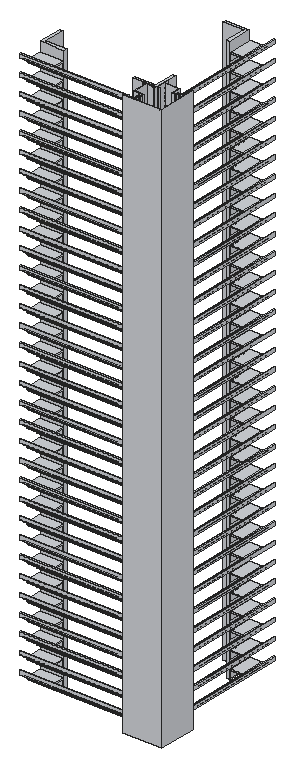
Revit family "ES-EL-2 (Box Corner)", category Mechanical Equipment, Revit 2015 (continued)
Automatic sketch dimensions
  Extrusion 49 sketch curve to Extrusion 49 sketch curve = 0' - 0.03705"
  Extrusion 49 sketch curve to Extrusion 49 sketch curve = 0' - 0.06678"
  Extrusion 49 sketch curve to Extrusion 49 sketch curve = 0' - 0.03441"
  Extrusion 49 sketch curve to Extrusion 49 sketch curve = 0' - 0.08971"
  Extrusion 49 sketch curve to Extrusion 49 sketch curve = 0' - 0.06591"
  Extrusion 49 sketch curve to Extrusion 49 sketch curve = 0' - 0.02101"
  Extrusion 49 sketch curve to Extrusion 49 sketch curve = 0' - 0.08093"
  Extrusion 49 sketch curve to Extrusion 49 sketch curve = 0' - 0.0092"
  Extrusion 49 sketch curve to Extrusion 49 sketch curve = 0' - 0.0249"
  Extrusion 49 sketch curve to Extrusion 49 sketch curve = 0' - 0.04679"
  Extrusion 49 sketch curve to Extrusion 49 sketch curve = 0' - 0.04475"
  Extrusion 49 sketch curve to Extrusion 49 sketch curve = 0' - 0.03472"
  Extrusion 49 sketch curve to Extrusion 49 sketch curve = 0' - 0.04794"
  Extrusion 49 sketch curve to Extrusion 49 sketch curve = 0' - 0.09251"
  Extrusion 49 sketch curve to Extrusion 49 sketch curve = 0' - 0.01641"
  Extrusion 49 sketch curve to Extrusion 49 sketch curve = 0' - 0.10787"
  Extrusion 49 sketch curve to Extrusion 49 sketch curve = 0' - 0.07052"
  Extrusion 49 sketch curve to Extrusion 49 sketch curve = 0' - 0.02971"
  Extrusion 49 sketch curve to Extrusion 49 sketch curve = 0' - 0.03652"
  Extrusion 49 sketch curve to Extrusion 49 sketch curve = 0' - 0.06407"
  Extrusion 49 sketch curve to Extrusion 49 sketch curve = 0' - 0.0028"
  Extrusion 49 sketch curve to Extrusion 49 sketch curve = 0' - 0.17908"
  Extrusion 49 sketch curve to Extrusion 49 sketch curve = 0' - 0.0484"
  Extrusion 49 sketch curve to Extrusion 49 sketch curve = 0' - 0.00685"
  Extrusion 49 sketch curve to Extrusion 49 sketch curve = 0' - 0.02635"
  Extrusion 49 sketch curve to Extrusion 49 sketch curve = 0' - 0.03989"
  Extrusion 49 sketch curve to Extrusion 49 sketch curve = 0' - 0.07851"
  Extrusion 49 sketch curve to Extrusion 49 sketch curve = 0' - 0.04274"
  Extrusion 49 sketch curve to Extrusion 49 sketch curve = 0' - 0.05351"
  Extrusion 49 sketch curve to Extrusion 49 sketch curve = 0' - 0.13725"
  Extrusion 49 sketch curve to Extrusion 49 sketch curve = 0' - 0.01694"
  Extrusion 49 sketch curve to Extrusion 49 sketch curve = 0' - 0.06256"
  Extrusion 49 sketch curve to Extrusion 49 sketch curve = 0' - 0.06379"
  Extrusion 49 sketch curve to Extrusion 49 sketch curve = 0' - 0.06947"
  Extrusion 49 sketch curve to Extrusion 49 sketch curve = 0' - 0.00615"
  Extrusion 49 sketch curve to Extrusion 49 sketch curve = 0' - 0.0107"
  Extrusion 49 sketch curve to Extrusion 49 sketch curve = 0' - 0.06383"
  Extrusion 49 sketch curve to Extrusion 49 sketch curve = 0' - 0.00524"
  Extrusion 49 sketch curve to Extrusion 49 sketch curve = 0' - 0.05333"
  Extrusion 49 sketch curve to Extrusion 49 sketch curve = 0' - 0.02167"
  Extrusion 49 sketch curve to Extrusion 49 sketch curve = 0' - 0.06255"
  Extrusion 49 sketch curve to Extrusion 49 sketch curve = 0' - 0.01996"
  Extrusion 49 sketch curve to Extrusion 49 sketch curve = 0' - 0.07389"
  Extrusion 49 sketch curve to Extrusion 49 sketch curve = 0' - 0.08882"
  Extrusion 49 sketch curve to Extrusion 49 sketch curve = 0' - 0.14048"
  Extrusion 49 sketch curve to Extrusion 49 sketch curve = 0' - 0.07571"
  Extrusion 49 sketch curve to Extrusion 49 sketch curve = 0' - 0.01536"
  Extrusion 49 sketch curve to Extrusion 49 sketch curve = 0' - 0.04056"
  Extrusion 49 sketch curve to Extrusion 49 sketch curve = 0' - 0.01509"
  Extrusion 49 sketch curve to Extrusion 49 sketch curve = 0' - 0.03469"
  Extrusion 49 sketch curve to Extrusion 49 sketch curve = 0' - 0.06126"
  Extrusion 49 sketch curve to Extrusion 49 sketch curve = 0' - 0.11488"
  Extrusion 49 sketch curve to Extrusion 49 sketch curve = 0' - 0.04313"
  Extrusion 49 sketch curve to Extrusion 49 sketch curve = 0' - 0.03758"
  Extrusion 49 sketch curve to Extrusion 49 sketch curve = 0' - 0.00683"
  Extrusion 49 sketch curve to Extrusion 49 sketch curve = 0' - 0.05466"
  Extrusion 49 sketch curve to Extrusion 49 sketch curve = 0' - 0.08634"
  Extrusion 49 sketch curve to Extrusion 49 sketch curve = 0' - 0.0603"
  Extrusion 49 sketch curve to Extrusion 49 sketch curve = 0' - 0.05923"
  Extrusion 49 sketch curve to Extrusion 49 sketch curve = 0' - 0.03824"
  Extrusion 49 sketch curve to Extrusion 49 sketch curve = 0' - 0.02856"
  Extrusion 49 sketch curve to Extrusion 49 sketch curve = 0' - 0.01716"
  Extrusion 49 sketch curve to Extrusion 49 sketch curve = 0' - 0.08747"
  Extrusion 49 sketch curve to Extrusion 49 sketch curve = 0' - 0.01878"
  Extrusion 49 sketch curve to Extrusion 49 sketch curve = 0' - 0.03113"
  Extrusion 49 sketch curve to Extrusion 49 sketch curve = 0' - 0.06323"
  Extrusion 49 sketch curve to Extrusion 49 sketch curve = 0' - 0.04564"
  Extrusion 49 sketch curve to Extrusion 49 sketch curve = 0' - 0.03681"
  Extrusion 49 sketch curve to Extrusion 49 sketch curve = 0' - 0.00656"
  Extrusion 49 sketch curve to Extrusion 49 sketch curve = 0' - 0.04106"
  Extrusion 49 sketch curve to Extrusion 49 sketch curve = 0' - 0.04775"
  Extrusion 49 sketch curve to Extrusion 49 sketch curve = 0' - 0.03768"
  Extrusion 49 sketch curve to Extrusion 49 sketch curve = 0' - 0.03841"
  Extrusion 49 sketch curve to Extrusion 49 sketch curve = 0' - 0.03993"
  Extrusion 49 sketch curve to Extrusion 49 sketch curve = 0' - 0.01637"
  Extrusion 49 sketch curve to Extrusion 49 sketch curve = 0' - 0 1/8"
  Extrusion 49 sketch curve to Extrusion 49 sketch curve = 0' - 0.03201"
  Extrusion 49 sketch curve to Extrusion 49 sketch curve = 0' - 0.01218"
  Extrusion 49 sketch curve to Extrusion 49 sketch curve = 0' - 0.00093"
  Extrusion 49 sketch curve to Extrusion 49 sketch curve = 0' - 0.06293"
  Extrusion 49 sketch curve to Extrusion 49 sketch curve = 0' - 0.01359"
  Extrusion 49 sketch curve to Extrusion 49 sketch curve = 0' - 0.06169"
  Extrusion 49 sketch curve to Extrusion 49 sketch curve = 0' - 0.06257"
  Extrusion 49 sketch curve to Extrusion 49 sketch curve = 0' - 0.20021"
  Extrusion 49 sketch curve to Extrusion 49 sketch curve = 0' - 0.05817"
  Extrusion 49 sketch curve to Extrusion 49 sketch curve = 0' - 0.10469"
  Extrusion 49 sketch curve to Extrusion 49 sketch curve = 0' - 0.03118"
  Extrusion 49 sketch curve to Extrusion 49 sketch curve = 0' - 0.14616"
  Extrusion 49 sketch curve to Extrusion 49 sketch curve = 0' - 0.04871"
  Extrusion 49 sketch curve to Extrusion 49 sketch curve = 0' - 0.05895"
  Extrusion 49 sketch curve to Extrusion 49 sketch curve = 0' - 0.04592"
  Extrusion 49 sketch curve to Extrusion 49 sketch curve = 0' - 0.05389"
  Extrusion 49 sketch curve to Extrusion 49 sketch curve = 0' - 0.04285"
  Extrusion 49 sketch curve to Extrusion 49 sketch curve = 0' - 0.07088"
  Extrusion 49 sketch curve to Extrusion 49 sketch curve = 0' - 0.11395"
  Extrusion 49 sketch curve to Extrusion 49 sketch curve = 0' - 0.28177"
  Extrusion 50 sketch curve to Extrusion 50 sketch curve = 0' - 0.059"
  Extrusion 50 sketch curve to Extrusion 50 sketch curve = 0' - 0.09455"
  Extrusion 50 sketch curve to Extrusion 50 sketch curve = 0' - 0.16713"
  Extrusion 50 sketch curve to Extrusion 50 sketch curve = 0' - 0.10396"
  Extrusion 50 sketch curve to Extrusion 50 sketch curve = 0' - 0.04188"
  Extrusion 50 sketch curve to Extrusion 50 sketch curve = 0' - 0.07328"
  Extrusion 50 sketch curve to Extrusion 50 sketch curve = 0' - 0.03705"
  Extrusion 50 sketch curve to Extrusion 50 sketch curve = 0' - 0.06678"
  Extrusion 50 sketch curve to Extrusion 50 sketch curve = 0' - 0.03441"
  Extrusion 50 sketch curve to Extrusion 50 sketch curve = 0' - 0.08971"
  Extrusion 50 sketch curve to Extrusion 50 sketch curve = 0' - 0.06591"
  Extrusion 50 sketch curve to Extrusion 50 sketch curve = 0' - 0.02101"
  Extrusion 50 sketch curve to Extrusion 50 sketch curve = 0' - 0.08093"
  Extrusion 50 sketch curve to Extrusion 50 sketch curve = 0' - 0.0092"
  Extrusion 50 sketch curve to Extrusion 50 sketch curve = 0' - 0.0249"
  Extrusion 50 sketch curve to Extrusion 50 sketch curve = 0' - 0.04679"
  Extrusion 50 sketch curve to Extrusion 50 sketch curve = 0' - 0.04475"
  Extrusion 50 sketch curve to Extrusion 50 sketch curve = 0' - 0.03472"
  Extrusion 50 sketch curve to Extrusion 50 sketch curve = 0' - 0.04794"
  Extrusion 50 sketch curve to Extrusion 50 sketch curve = 0' - 0.09251"
  Extrusion 50 sketch curve to Extrusion 50 sketch curve = 0' - 0.01641"
  Extrusion 50 sketch curve to Extrusion 50 sketch curve = 0' - 0.10787"
  Extrusion 50 sketch curve to Extrusion 50 sketch curve = 0' - 0.07052"
  Extrusion 50 sketch curve to Extrusion 50 sketch curve = 0' - 0.02971"
  Extrusion 50 sketch curve to Extrusion 50 sketch curve = 0' - 0.03652"
  Extrusion 50 sketch curve to Extrusion 50 sketch curve = 0' - 0.06407"
  Extrusion 50 sketch curve to Extrusion 50 sketch curve = 0' - 0.0028"
  Extrusion 50 sketch curve to Extrusion 50 sketch curve = 0' - 0.17908"
  Extrusion 50 sketch curve to Extrusion 50 sketch curve = 0' - 0.0484"
  Extrusion 50 sketch curve to Extrusion 50 sketch curve = 0' - 0.00685"
  Extrusion 50 sketch curve to Extrusion 50 sketch curve = 0' - 0.02635"
  Extrusion 50 sketch curve to Extrusion 50 sketch curve = 0' - 0.03989"
  Extrusion 50 sketch curve to Extrusion 50 sketch curve = 0' - 0.07851"
  Extrusion 50 sketch curve to Extrusion 50 sketch curve = 0' - 0.04274"
  Extrusion 50 sketch curve to Extrusion 50 sketch curve = 0' - 0.05351"
  Extrusion 50 sketch curve to Extrusion 50 sketch curve = 0' - 0.13725"
  Extrusion 50 sketch curve to Extrusion 50 sketch curve = 0' - 0.01694"
  Extrusion 50 sketch curve to Extrusion 50 sketch curve = 0' - 0.06256"
  Extrusion 50 sketch curve to Extrusion 50 sketch curve = 0' - 0.06379"
  Extrusion 50 sketch curve to Extrusion 50 sketch curve = 0' - 0.06947"
  Extrusion 50 sketch curve to Extrusion 50 sketch curve = 0' - 0.00615"
  Extrusion 50 sketch curve to Extrusion 50 sketch curve = 0' - 0.0107"
  Extrusion 50 sketch curve to Extrusion 50 sketch curve = 0' - 0.06383"
  Extrusion 50 sketch curve to Extrusion 50 sketch curve = 0' - 0.00524"
  Extrusion 50 sketch curve to Extrusion 50 sketch curve = 0' - 0.05333"
  Extrusion 50 sketch curve to Extrusion 50 sketch curve = 0' - 0.02167"
  Extrusion 50 sketch curve to Extrusion 50 sketch curve = 0' - 0.06255"
  Extrusion 50 sketch curve to Extrusion 50 sketch curve = 0' - 0.01996"
  Extrusion 50 sketch curve to Extrusion 50 sketch curve = 0' - 0.07389"
  Extrusion 50 sketch curve to Extrusion 50 sketch curve = 0' - 0.08882"
  Extrusion 50 sketch curve to Extrusion 50 sketch curve = 0' - 0.14048"
  Extrusion 50 sketch curve to Extrusion 50 sketch curve = 0' - 0.07571"
  Extrusion 50 sketch curve to Extrusion 50 sketch curve = 0' - 0.01536"
  Extrusion 50 sketch curve to Extrusion 50 sketch curve = 0' - 0.04056"
  Extrusion 50 sketch curve to Extrusion 50 sketch curve = 0' - 0.01509"
  Extrusion 50 sketch curve to Extrusion 50 sketch curve = 0' - 0.03469"
  Extrusion 50 sketch curve to Extrusion 50 sketch curve = 0' - 0.06126"
  Extrusion 50 sketch curve to Extrusion 50 sketch curve = 0' - 0.11488"
  Extrusion 50 sketch curve to Extrusion 50 sketch curve = 0' - 0.04313"
  Extrusion 50 sketch curve to Extrusion 50 sketch curve = 0' - 0.03758"
  Extrusion 50 sketch curve to Extrusion 50 sketch curve = 0' - 0.00683"
  Extrusion 50 sketch curve to Extrusion 50 sketch curve = 0' - 0.05466"
  Extrusion 50 sketch curve to Extrusion 50 sketch curve = 0' - 0.08634"
  Extrusion 50 sketch curve to Extrusion 50 sketch curve = 0' - 0.0603"
  Extrusion 50 sketch curve to Extrusion 50 sketch curve = 0' - 0.05923"
  Extrusion 50 sketch curve to Extrusion 50 sketch curve = 0' - 0.03824"
  Extrusion 50 sketch curve to Extrusion 50 sketch curve = 0' - 0.02856"
  Extrusion 50 sketch curve to Extrusion 50 sketch curve = 0' - 0.01716"
  Extrusion 50 sketch curve to Extrusion 50 sketch curve = 0' - 0.08747"
  Extrusion 50 sketch curve to Extrusion 50 sketch curve = 0' - 0.01878"
  Extrusion 50 sketch curve to Extrusion 50 sketch curve = 0' - 0.03113"
  Extrusion 50 sketch curve to Extrusion 50 sketch curve = 0' - 0.06323"
  Extrusion 50 sketch curve to Extrusion 50 sketch curve = 0' - 0.04564"
  Extrusion 50 sketch curve to Extrusion 50 sketch curve = 0' - 0.03681"
  Extrusion 50 sketch curve to Extrusion 50 sketch curve = 0' - 0.00656"
  Extrusion 50 sketch curve to Extrusion 50 sketch curve = 0' - 0.04106"
  Extrusion 50 sketch curve to Extrusion 50 sketch curve = 0' - 0.04775"
  Extrusion 50 sketch curve to Extrusion 50 sketch curve = 0' - 0.03768"
  Extrusion 50 sketch curve to Extrusion 50 sketch curve = 0' - 0.03841"
  Extrusion 50 sketch curve to Extrusion 50 sketch curve = 0' - 0.03993"
  Extrusion 50 sketch curve to Extrusion 50 sketch curve = 0' - 0.01637"
  Extrusion 50 sketch curve to Extrusion 50 sketch curve = 0' - 0 1/8"
  Extrusion 50 sketch curve to Extrusion 50 sketch curve = 0' - 0.03201"
  Extrusion 50 sketch curve to Extrusion 50 sketch curve = 0' - 0.01218"
  Extrusion 50 sketch curve to Extrusion 50 sketch curve = 0' - 0.00093"
  Extrusion 50 sketch curve to Extrusion 50 sketch curve = 0' - 0.06293"
  Extrusion 50 sketch curve to Extrusion 50 sketch curve = 0' - 0.01359"
  Extrusion 50 sketch curve to Extrusion 50 sketch curve = 0' - 0.06169"
  Extrusion 50 sketch curve to Extrusion 50 sketch curve = 0' - 0.06257"
  Extrusion 50 sketch curve to Extrusion 50 sketch curve = 0' - 0.20021"
  Extrusion 50 sketch curve to Extrusion 50 sketch curve = 0' - 0.05817"
  Extrusion 50 sketch curve to Extrusion 50 sketch curve = 0' - 0.10469"
  Extrusion 50 sketch curve to Extrusion 50 sketch curve = 0' - 0.03118"
  Extrusion 50 sketch curve to Extrusion 50 sketch curve = 0' - 0.14616"
  Extrusion 50 sketch curve to Extrusion 50 sketch curve = 0' - 0.04871"
  Extrusion 50 sketch curve to Extrusion 50 sketch curve = 0' - 0.05895"
  Extrusion 50 sketch curve to Extrusion 50 sketch curve = 0' - 0.04592"
  Extrusion 50 sketch curve to Extrusion 50 sketch curve = 0' - 0.05389"
  Extrusion 50 sketch curve to Extrusion 50 sketch curve = 0' - 0.04285"
  Extrusion 50 sketch curve to Extrusion 50 sketch curve = 0' - 0.07088"
  Extrusion 50 sketch curve to Extrusion 50 sketch curve = 0' - 0.11395"
  Extrusion 50 sketch curve to Extrusion 50 sketch curve = 0' - 0.28177"
  Extrusion 51 sketch curve to Extrusion 51 sketch curve = 0' - 0.059"
  Extrusion 51 sketch curve to Extrusion 51 sketch curve = 0' - 0.09455"
  Extrusion 51 sketch curve to Extrusion 51 sketch curve = 0' - 0.16713"
  Extrusion 51 sketch curve to Extrusion 51 sketch curve = 0' - 0.10396"
  Extrusion 51 sketch curve to Extrusion 51 sketch curve = 0' - 0.04188"
  Extrusion 51 sketch curve to Extrusion 51 sketch curve = 0' - 0.07328"
  Extrusion 51 sketch curve to Extrusion 51 sketch curve = 0' - 0.03705"
  Extrusion 51 sketch curve to Extrusion 51 sketch curve = 0' - 0.06678"
  Extrusion 51 sketch curve to Extrusion 51 sketch curve = 0' - 0.03441"
  Extrusion 51 sketch curve to Extrusion 51 sketch curve = 0' - 0.08971"
  Extrusion 51 sketch curve to Extrusion 51 sketch curve = 0' - 0.06591"
  Extrusion 51 sketch curve to Extrusion 51 sketch curve = 0' - 0.02101"
  Extrusion 51 sketch curve to Extrusion 51 sketch curve = 0' - 0.08093"
  Extrusion 51 sketch curve to Extrusion 51 sketch curve = 0' - 0.0092"
  Extrusion 51 sketch curve to Extrusion 51 sketch curve = 0' - 0.0249"
  Extrusion 51 sketch curve to Extrusion 51 sketch curve = 0' - 0.04679"
  Extrusion 51 sketch curve to Extrusion 51 sketch curve = 0' - 0.04475"
  Extrusion 51 sketch curve to Extrusion 51 sketch curve = 0' - 0.03472"
  Extrusion 51 sketch curve to Extrusion 51 sketch curve = 0' - 0.04794"
  Extrusion 51 sketch curve to Extrusion 51 sketch curve = 0' - 0.09251"
  Extrusion 51 sketch curve to Extrusion 51 sketch curve = 0' - 0.01641"
  Extrusion 51 sketch curve to Extrusion 51 sketch curve = 0' - 0.10787"
  Extrusion 51 sketch curve to Extrusion 51 sketch curve = 0' - 0.07052"
  Extrusion 51 sketch curve to Extrusion 51 sketch curve = 0' - 0.02971"
  Extrusion 51 sketch curve to Extrusion 51 sketch curve = 0' - 0.03652"
  Extrusion 51 sketch curve to Extrusion 51 sketch curve = 0' - 0.06407"
  Extrusion 51 sketch curve to Extrusion 51 sketch curve = 0' - 0.0028"
  Extrusion 51 sketch curve to Extrusion 51 sketch curve = 0' - 0.17908"
  Extrusion 51 sketch curve to Extrusion 51 sketch curve = 0' - 0.0484"
  Extrusion 51 sketch curve to Extrusion 51 sketch curve = 0' - 0.00685"
  Extrusion 51 sketch curve to Extrusion 51 sketch curve = 0' - 0.02635"
  Extrusion 51 sketch curve to Extrusion 51 sketch curve = 0' - 0.03989"
  Extrusion 51 sketch curve to Extrusion 51 sketch curve = 0' - 0.07851"
  Extrusion 51 sketch curve to Extrusion 51 sketch curve = 0' - 0.04274"
  Extrusion 51 sketch curve to Extrusion 51 sketch curve = 0' - 0.05351"
  Extrusion 51 sketch curve to Extrusion 51 sketch curve = 0' - 0.13725"
  Extrusion 51 sketch curve to Extrusion 51 sketch curve = 0' - 0.01694"
  Extrusion 51 sketch curve to Extrusion 51 sketch curve = 0' - 0.06256"
  Extrusion 51 sketch curve to Extrusion 51 sketch curve = 0' - 0.06379"
  Extrusion 51 sketch curve to Extrusion 51 sketch curve = 0' - 0.06947"
  Extrusion 51 sketch curve to Extrusion 51 sketch curve = 0' - 0.00615"
  Extrusion 51 sketch curve to Extrusion 51 sketch curve = 0' - 0.0107"
  Extrusion 51 sketch curve to Extrusion 51 sketch curve = 0' - 0.06383"
  Extrusion 51 sketch curve to Extrusion 51 sketch curve = 0' - 0.00524"
  Extrusion 51 sketch curve to Extrusion 51 sketch curve = 0' - 0.05333"
  Extrusion 51 sketch curve to Extrusion 51 sketch curve = 0' - 0.02167"
  Extrusion 51 sketch curve to Extrusion 51 sketch curve = 0' - 0.06255"
  Extrusion 51 sketch curve to Extrusion 51 sketch curve = 0' - 0.01996"
  Extrusion 51 sketch curve to Extrusion 51 sketch curve = 0' - 0.07389"
  Extrusion 51 sketch curve to Extrusion 51 sketch curve = 0' - 0.08882"
  Extrusion 51 sketch curve to Extrusion 51 sketch curve = 0' - 0.14048"
  Extrusion 51 sketch curve to Extrusion 51 sketch curve = 0' - 0.07571"
  Extrusion 51 sketch curve to Extrusion 51 sketch curve = 0' - 0.01536"
  Extrusion 51 sketch curve to Extrusion 51 sketch curve = 0' - 0.04056"
  Extrusion 51 sketch curve to Extrusion 51 sketch curve = 0' - 0.01509"
  Extrusion 51 sketch curve to Extrusion 51 sketch curve = 0' - 0.03469"
  Extrusion 51 sketch curve to Extrusion 51 sketch curve = 0' - 0.06126"
  Extrusion 51 sketch curve to Extrusion 51 sketch curve = 0' - 0.11488"
  Extrusion 51 sketch curve to Extrusion 51 sketch curve = 0' - 0.04313"
  Extrusion 51 sketch curve to Extrusion 51 sketch curve = 0' - 0.03758"
  Extrusion 51 sketch curve to Extrusion 51 sketch curve = 0' - 0.00683"
  Extrusion 51 sketch curve to Extrusion 51 sketch curve = 0' - 0.05466"
  Extrusion 51 sketch curve to Extrusion 51 sketch curve = 0' - 0.08634"
  Extrusion 51 sketch curve to Extrusion 51 sketch curve = 0' - 0.0603"
  Extrusion 51 sketch curve to Extrusion 51 sketch curve = 0' - 0.05923"
  Extrusion 51 sketch curve to Extrusion 51 sketch curve = 0' - 0.03824"
  Extrusion 51 sketch curve to Extrusion 51 sketch curve = 0' - 0.02856"
  Extrusion 51 sketch curve to Extrusion 51 sketch curve = 0' - 0.01716"
  Extrusion 51 sketch curve to Extrusion 51 sketch curve = 0' - 0.08747"
  Extrusion 51 sketch curve to Extrusion 51 sketch curve = 0' - 0.01878"
  Extrusion 51 sketch curve to Extrusion 51 sketch curve = 0' - 0.03113"
  Extrusion 51 sketch curve to Extrusion 51 sketch curve = 0' - 0.06323"
  Extrusion 51 sketch curve to Extrusion 51 sketch curve = 0' - 0.04564"
  Extrusion 51 sketch curve to Extrusion 51 sketch curve = 0' - 0.03681"
  Extrusion 51 sketch curve to Extrusion 51 sketch curve = 0' - 0.00656"
  Extrusion 51 sketch curve to Extrusion 51 sketch curve = 0' - 0.04106"
  Extrusion 51 sketch curve to Extrusion 51 sketch curve = 0' - 0.04775"
  Extrusion 51 sketch curve to Extrusion 51 sketch curve = 0' - 0.03768"
  Extrusion 51 sketch curve to Extrusion 51 sketch curve = 0' - 0.03841"
  Extrusion 51 sketch curve to Extrusion 51 sketch curve = 0' - 0.03993"
  Extrusion 51 sketch curve to Extrusion 51 sketch curve = 0' - 0.01637"
  Extrusion 51 sketch curve to Extrusion 51 sketch curve = 0' - 0 1/8"
  Extrusion 51 sketch curve to Extrusion 51 sketch curve = 0' - 0.03201"
  Extrusion 51 sketch curve to Extrusion 51 sketch curve = 0' - 0.01218"
  Extrusion 51 sketch curve to Extrusion 51 sketch curve = 0' - 0.00093"
  Extrusion 51 sketch curve to Extrusion 51 sketch curve = 0' - 0.06293"
  Extrusion 51 sketch curve to Extrusion 51 sketch curve = 0' - 0.01359"
  Extrusion 51 sketch curve to Extrusion 51 sketch curve = 0' - 0.06169"
  Extrusion 51 sketch curve to Extrusion 51 sketch curve = 0' - 0.06257"
  Extrusion 51 sketch curve to Extrusion 51 sketch curve = 0' - 0.20021"
  Extrusion 51 sketch curve to Extrusion 51 sketch curve = 0' - 0.05817"
  Extrusion 51 sketch curve to Extrusion 51 sketch curve = 0' - 0.10469"
  Extrusion 51 sketch curve to Extrusion 51 sketch curve = 0' - 0.03118"
  Extrusion 51 sketch curve to Extrusion 51 sketch curve = 0' - 0.14616"
  Extrusion 51 sketch curve to Extrusion 51 sketch curve = 0' - 0.04871"
  Extrusion 51 sketch curve to Extrusion 51 sketch curve = 0' - 0.05895"
  Extrusion 51 sketch curve to Extrusion 51 sketch curve = 0' - 0.04592"
  Extrusion 51 sketch curve to Extrusion 51 sketch curve = 0' - 0.05389"
  Extrusion 51 sketch curve to Extrusion 51 sketch curve = 0' - 0.04285"
  Extrusion 51 sketch curve to Extrusion 51 sketch curve = 0' - 0.07088"
  Extrusion 51 sketch curve to Extrusion 51 sketch curve = 0' - 0.11395"
  Extrusion 51 sketch curve to Extrusion 51 sketch curve = 0' - 0.28177"
  Extrusion 52 sketch curve to Extrusion 52 sketch curve = 0' - 0.059"
  Extrusion 52 sketch curve to Extrusion 52 sketch curve = 0' - 0.09455"
  Extrusion 52 sketch curve to Extrusion 52 sketch curve = 0' - 0.16713"
  Extrusion 52 sketch curve to Extrusion 52 sketch curve = 0' - 0.10396"
  Extrusion 52 sketch curve to Extrusion 52 sketch curve = 0' - 0.04188"
  Extrusion 52 sketch curve to Extrusion 52 sketch curve = 0' - 0.07328"
  Extrusion 52 sketch curve to Extrusion 52 sketch curve = 0' - 0.03705"
  Extrusion 52 sketch curve to Extrusion 52 sketch curve = 0' - 0.06678"
  Extrusion 52 sketch curve to Extrusion 52 sketch curve = 0' - 0.03441"
  Extrusion 52 sketch curve to Extrusion 52 sketch curve = 0' - 0.08971"
  Extrusion 52 sketch curve to Extrusion 52 sketch curve = 0' - 0.06591"
  Extrusion 52 sketch curve to Extrusion 52 sketch curve = 0' - 0.02101"
  Extrusion 52 sketch curve to Extrusion 52 sketch curve = 0' - 0.08093"
  Extrusion 52 sketch curve to Extrusion 52 sketch curve = 0' - 0.0092"
  Extrusion 52 sketch curve to Extrusion 52 sketch curve = 0' - 0.0249"
  Extrusion 52 sketch curve to Extrusion 52 sketch curve = 0' - 0.04679"
  Extrusion 52 sketch curve to Extrusion 52 sketch curve = 0' - 0.04475"
  Extrusion 52 sketch curve to Extrusion 52 sketch curve = 0' - 0.03472"
  Extrusion 52 sketch curve to Extrusion 52 sketch curve = 0' - 0.04794"
  Extrusion 52 sketch curve to Extrusion 52 sketch curve = 0' - 0.09251"
  Extrusion 52 sketch curve to Extrusion 52 sketch curve = 0' - 0.01641"
  Extrusion 52 sketch curve to Extrusion 52 sketch curve = 0' - 0.10787"
  Extrusion 52 sketch curve to Extrusion 52 sketch curve = 0' - 0.07052"
  Extrusion 52 sketch curve to Extrusion 52 sketch curve = 0' - 0.02971"
  Extrusion 52 sketch curve to Extrusion 52 sketch curve = 0' - 0.03652"
  Extrusion 52 sketch curve to Extrusion 52 sketch curve = 0' - 0.06407"
  Extrusion 52 sketch curve to Extrusion 52 sketch curve = 0' - 0.0028"
  Extrusion 52 sketch curve to Extrusion 52 sketch curve = 0' - 0.17908"
  Extrusion 52 sketch curve to Extrusion 52 sketch curve = 0' - 0.0484"
  Extrusion 52 sketch curve to Extrusion 52 sketch curve = 0' - 0.00685"
  Extrusion 52 sketch curve to Extrusion 52 sketch curve = 0' - 0.02635"
  Extrusion 52 sketch curve to Extrusion 52 sketch curve = 0' - 0.03989"
  Extrusion 52 sketch curve to Extrusion 52 sketch curve = 0' - 0.07851"
  Extrusion 52 sketch curve to Extrusion 52 sketch curve = 0' - 0.04274"
  Extrusion 52 sketch curve to Extrusion 52 sketch curve = 0' - 0.05351"
  Extrusion 52 sketch curve to Extrusion 52 sketch curve = 0' - 0.13725"
  Extrusion 52 sketch curve to Extrusion 52 sketch curve = 0' - 0.01694"
  Extrusion 52 sketch curve to Extrusion 52 sketch curve = 0' - 0.06256"
  Extrusion 52 sketch curve to Extrusion 52 sketch curve = 0' - 0.06379"
  Extrusion 52 sketch curve to Extrusion 52 sketch curve = 0' - 0.06947"
  Extrusion 52 sketch curve to Extrusion 52 sketch curve = 0' - 0.00615"
  Extrusion 52 sketch curve to Extrusion 52 sketch curve = 0' - 0.0107"
  Extrusion 52 sketch curve to Extrusion 52 sketch curve = 0' - 0.06383"
  Extrusion 52 sketch curve to Extrusion 52 sketch curve = 0' - 0.00524"
  Extrusion 52 sketch curve to Extrusion 52 sketch curve = 0' - 0.05333"
  Extrusion 52 sketch curve to Extrusion 52 sketch curve = 0' - 0.02167"
  Extrusion 52 sketch curve to Extrusion 52 sketch curve = 0' - 0.06255"
  Extrusion 52 sketch curve to Extrusion 52 sketch curve = 0' - 0.01996"
  Extrusion 52 sketch curve to Extrusion 52 sketch curve = 0' - 0.07389"
  Extrusion 52 sketch curve to Extrusion 52 sketch curve = 0' - 0.08882"
  Extrusion 52 sketch curve to Extrusion 52 sketch curve = 0' - 0.14048"
  Extrusion 52 sketch curve to Extrusion 52 sketch curve = 0' - 0.07571"
  Extrusion 52 sketch curve to Extrusion 52 sketch curve = 0' - 0.01536"
  Extrusion 52 sketch curve to Extrusion 52 sketch curve = 0' - 0.04056"
  Extrusion 52 sketch curve to Extrusion 52 sketch curve = 0' - 0.01509"
  Extrusion 52 sketch curve to Extrusion 52 sketch curve = 0' - 0.03469"
  Extrusion 52 sketch curve to Extrusion 52 sketch curve = 0' - 0.06126"
  Extrusion 52 sketch curve to Extrusion 52 sketch curve = 0' - 0.11488"
  Extrusion 52 sketch curve to Extrusion 52 sketch curve = 0' - 0.04313"
  Extrusion 52 sketch curve to Extrusion 52 sketch curve = 0' - 0.03758"
  Extrusion 52 sketch curve to Extrusion 52 sketch curve = 0' - 0.00683"
  Extrusion 52 sketch curve to Extrusion 52 sketch curve = 0' - 0.05466"
  Extrusion 52 sketch curve to Extrusion 52 sketch curve = 0' - 0.08634"
  Extrusion 52 sketch curve to Extrusion 52 sketch curve = 0' - 0.0603"
  Extrusion 52 sketch curve to Extrusion 52 sketch curve = 0' - 0.05923"
  Extrusion 52 sketch curve to Extrusion 52 sketch curve = 0' - 0.03824"
  Extrusion 52 sketch curve to Extrusion 52 sketch curve = 0' - 0.02856"
  Extrusion 52 sketch curve to Extrusion 52 sketch curve = 0' - 0.01716"
  Extrusion 52 sketch curve to Extrusion 52 sketch curve = 0' - 0.08747"
  Extrusion 52 sketch curve to Extrusion 52 sketch curve = 0' - 0.01878"
  Extrusion 52 sketch curve to Extrusion 52 sketch curve = 0' - 0.03113"
  Extrusion 52 sketch curve to Extrusion 52 sketch curve = 0' - 0.06323"
  Extrusion 52 sketch curve to Extrusion 52 sketch curve = 0' - 0.04564"
  Extrusion 52 sketch curve to Extrusion 52 sketch curve = 0' - 0.03681"
  Extrusion 52 sketch curve to Extrusion 52 sketch curve = 0' - 0.00656"
  Extrusion 52 sketch curve to Extrusion 52 sketch curve = 0' - 0.04106"
  Extrusion 52 sketch curve to Extrusion 52 sketch curve = 0' - 0.04775"
  Extrusion 52 sketch curve to Extrusion 52 sketch curve = 0' - 0.03768"
  Extrusion 52 sketch curve to Extrusion 52 sketch curve = 0' - 0.03841"
  Extrusion 52 sketch curve to Extrusion 52 sketch curve = 0' - 0.03993"
  Extrusion 52 sketch curve to Extrusion 52 sketch curve = 0' - 0.01637"
  Extrusion 52 sketch curve to Extrusion 52 sketch curve = 0' - 0 1/8"
  Extrusion 52 sketch curve to Extrusion 52 sketch curve = 0' - 0.03201"
  Extrusion 52 sketch curve to Extrusion 52 sketch curve = 0' - 0.01218"
  Extrusion 52 sketch curve to Extrusion 52 sketch curve = 0' - 0.00093"
  Extrusion 52 sketch curve to Extrusion 52 sketch curve = 0' - 0.06293"
  Extrusion 52 sketch curve to Extrusion 52 sketch curve = 0' - 0.01359"
  Extrusion 52 sketch curve to Extrusion 52 sketch curve = 0' - 0.06169"
  Extrusion 52 sketch curve to Extrusion 52 sketch curve = 0' - 0.06257"
  Extrusion 52 sketch curve to Extrusion 52 sketch curve = 0' - 0.20021"
  Extrusion 52 sketch curve to Extrusion 52 sketch curve = 0' - 0.05817"
  Extrusion 52 sketch curve to Extrusion 52 sketch curve = 0' - 0.10469"
  Extrusion 52 sketch curve to Extrusion 52 sketch curve = 0' - 0.03118"
  Extrusion 52 sketch curve to Extrusion 52 sketch curve = 0' - 0.14616"
  Extrusion 52 sketch curve to Extrusion 52 sketch curve = 0' - 0.04871"
  Extrusion 52 sketch curve to Extrusion 52 sketch curve = 0' - 0.05895"
  Extrusion 52 sketch curve to Extrusion 52 sketch curve = 0' - 0.04592"
  Extrusion 52 sketch curve to Extrusion 52 sketch curve = 0' - 0.05389"
  Extrusion 52 sketch curve to Extrusion 52 sketch curve = 0' - 0.04285"
  Extrusion 52 sketch curve to Extrusion 52 sketch curve = 0' - 0.07088"
  Extrusion 52 sketch curve to Extrusion 52 sketch curve = 0' - 0.11395"
  Extrusion 52 sketch curve to Extrusion 52 sketch curve = 0' - 0.28177"
  Extrusion 53 sketch curve to Extrusion 53 sketch curve = 0' - 0.059"
  Extrusion 53 sketch curve to Extrusion 53 sketch curve = 0' - 0.09455"
  Extrusion 53 sketch curve to Extrusion 53 sketch curve = 0' - 0.16713"
  Extrusion 53 sketch curve to Extrusion 53 sketch curve = 0' - 0.10396"
  Extrusion 53 sketch curve to Extrusion 53 sketch curve = 0' - 0.04188"
  Extrusion 53 sketch curve to Extrusion 53 sketch curve = 0' - 0.07328"
  Extrusion 53 sketch curve to Extrusion 53 sketch curve = 0' - 0.03705"
  Extrusion 53 sketch curve to Extrusion 53 sketch curve = 0' - 0.06678"
  Extrusion 53 sketch curve to Extrusion 53 sketch curve = 0' - 0.03441"
  Extrusion 53 sketch curve to Extrusion 53 sketch curve = 0' - 0.08971"
  Extrusion 53 sketch curve to Extrusion 53 sketch curve = 0' - 0.06591"
  Extrusion 53 sketch curve to Extrusion 53 sketch curve = 0' - 0.02101"
  Extrusion 53 sketch curve to Extrusion 53 sketch curve = 0' - 0.08093"
  Extrusion 53 sketch curve to Extrusion 53 sketch curve = 0' - 0.0092"
  Extrusion 53 sketch curve to Extrusion 53 sketch curve = 0' - 0.0249"
  Extrusion 53 sketch curve to Extrusion 53 sketch curve = 0' - 0.04679"
  Extrusion 53 sketch curve to Extrusion 53 sketch curve = 0' - 0.04475"
  Extrusion 53 sketch curve to Extrusion 53 sketch curve = 0' - 0.03472"
  Extrusion 53 sketch curve to Extrusion 53 sketch curve = 0' - 0.04794"
  Extrusion 53 sketch curve to Extrusion 53 sketch curve = 0' - 0.09251"
  Extrusion 53 sketch curve to Extrusion 53 sketch curve = 0' - 0.01641"
  Extrusion 53 sketch curve to Extrusion 53 sketch curve = 0' - 0.10787"
  Extrusion 53 sketch curve to Extrusion 53 sketch curve = 0' - 0.07052"
  Extrusion 53 sketch curve to Extrusion 53 sketch curve = 0' - 0.02971"
  Extrusion 53 sketch curve to Extrusion 53 sketch curve = 0' - 0.03652"
  Extrusion 53 sketch curve to Extrusion 53 sketch curve = 0' - 0.06407"
  Extrusion 53 sketch curve to Extrusion 53 sketch curve = 0' - 0.0028"
  Extrusion 53 sketch curve to Extrusion 53 sketch curve = 0' - 0.17908"
  Extrusion 53 sketch curve to Extrusion 53 sketch curve = 0' - 0.0484"
  Extrusion 53 sketch curve to Extrusion 53 sketch curve = 0' - 0.00685"
  Extrusion 53 sketch curve to Extrusion 53 sketch curve = 0' - 0.02635"
  Extrusion 53 sketch curve to Extrusion 53 sketch curve = 0' - 0.03989"
  Extrusion 53 sketch curve to Extrusion 53 sketch curve = 0' - 0.07851"
  Extrusion 53 sketch curve to Extrusion 53 sketch curve = 0' - 0.04274"
  Extrusion 53 sketch curve to Extrusion 53 sketch curve = 0' - 0.05351"
  Extrusion 53 sketch curve to Extrusion 53 sketch curve = 0' - 0.13725"
  Extrusion 53 sketch curve to Extrusion 53 sketch curve = 0' - 0.01694"
  Extrusion 53 sketch curve to Extrusion 53 sketch curve = 0' - 0.06256"
  Extrusion 53 sketch curve to Extrusion 53 sketch curve = 0' - 0.06379"
  Extrusion 53 sketch curve to Extrusion 53 sketch curve = 0' - 0.06947"
  Extrusion 53 sketch curve to Extrusion 53 sketch curve = 0' - 0.00615"
  Extrusion 53 sketch curve to Extrusion 53 sketch curve = 0' - 0.0107"
  Extrusion 53 sketch curve to Extrusion 53 sketch curve = 0' - 0.06383"
  Extrusion 53 sketch curve to Extrusion 53 sketch curve = 0' - 0.00524"
  Extrusion 53 sketch curve to Extrusion 53 sketch curve = 0' - 0.05333"
  Extrusion 53 sketch curve to Extrusion 53 sketch curve = 0' - 0.02167"
  Extrusion 53 sketch curve to Extrusion 53 sketch curve = 0' - 0.06255"
  Extrusion 53 sketch curve to Extrusion 53 sketch curve = 0' - 0.01996"
  Extrusion 53 sketch curve to Extrusion 53 sketch curve = 0' - 0.07389"
  Extrusion 53 sketch curve to Extrusion 53 sketch curve = 0' - 0.08882"
  Extrusion 53 sketch curve to Extrusion 53 sketch curve = 0' - 0.14048"
  Extrusion 53 sketch curve to Extrusion 53 sketch curve = 0' - 0.13587"
  Extrusion 53 sketch curve to Extrusion 53 sketch curve = 0' - 0.03118"
  Extrusion 53 sketch curve to Extrusion 53 sketch curve = 0' - 0.07571"
  Extrusion 53 sketch curve to Extrusion 53 sketch curve = 0' - 0.01536"
  Extrusion 53 sketch curve to Extrusion 53 sketch curve = 0' - 0.04056"
  Extrusion 53 sketch curve to Extrusion 53 sketch curve = 0' - 0.01509"
  Extrusion 53 sketch curve to Extrusion 53 sketch curve = 0' - 0.03469"
  Extrusion 53 sketch curve to Extrusion 53 sketch curve = 0' - 0.06126"
  Extrusion 53 sketch curve to Extrusion 53 sketch curve = 0' - 0.11488"
  Extrusion 53 sketch curve to Extrusion 53 sketch curve = 0' - 0.04313"
  Extrusion 53 sketch curve to Extrusion 53 sketch curve = 0' - 0.03758"
  Extrusion 53 sketch curve to Extrusion 53 sketch curve = 0' - 0.00683"
  Extrusion 53 sketch curve to Extrusion 53 sketch curve = 0' - 0.05466"
  Extrusion 53 sketch curve to Extrusion 53 sketch curve = 0' - 0.08634"
  Extrusion 53 sketch curve to Extrusion 53 sketch curve = 0' - 0.0603"
  Extrusion 53 sketch curve to Extrusion 53 sketch curve = 0' - 0.05923"
  Extrusion 53 sketch curve to Extrusion 53 sketch curve = 0' - 0.03824"
  Extrusion 53 sketch curve to Extrusion 53 sketch curve = 0' - 0.02856"
  Extrusion 53 sketch curve to Extrusion 53 sketch curve = 0' - 0.01716"
  Extrusion 53 sketch curve to Extrusion 53 sketch curve = 0' - 0.08747"
  Extrusion 53 sketch curve to Extrusion 53 sketch curve = 0' - 0.01878"
  Extrusion 53 sketch curve to Extrusion 53 sketch curve = 0' - 0.03113"
  Extrusion 53 sketch curve to Extrusion 53 sketch curve = 0' - 0.06323"
  Extrusion 53 sketch curve to Extrusion 53 sketch curve = 0' - 0.04564"
  Extrusion 53 sketch curve to Extrusion 53 sketch curve = 0' - 0.03681"
  Extrusion 53 sketch curve to Extrusion 53 sketch curve = 0' - 0.00656"
  Extrusion 53 sketch curve to Extrusion 53 sketch curve = 0' - 0.04106"
  Extrusion 53 sketch curve to Extrusion 53 sketch curve = 0' - 0.04775"
  Extrusion 53 sketch curve to Extrusion 53 sketch curve = 0' - 0.03768"
  Extrusion 53 sketch curve to Extrusion 53 sketch curve = 0' - 0.03841"
  Extrusion 53 sketch curve to Extrusion 53 sketch curve = 0' - 0.03993"
  Extrusion 53 sketch curve to Extrusion 53 sketch curve = 0' - 0.01637"
  Extrusion 53 sketch curve to Extrusion 53 sketch curve = 0' - 0 1/8"
  Extrusion 53 sketch curve to Extrusion 53 sketch curve = 0' - 0.03201"
  Extrusion 53 sketch curve to Extrusion 53 sketch curve = 0' - 0.01218"
  Extrusion 53 sketch curve to Extrusion 53 sketch curve = 0' - 0.00093"
  Extrusion 53 sketch curve to Extrusion 53 sketch curve = 0' - 0.06293"
  Extrusion 53 sketch curve to Extrusion 53 sketch curve = 0' - 0.01359"
  Extrusion 53 sketch curve to Extrusion 53 sketch curve = 0' - 0.06169"
  Extrusion 53 sketch curve to Extrusion 53 sketch curve = 0' - 0.06257"
  Extrusion 53 sketch curve to Extrusion 53 sketch curve = 0' - 0.20021"
  Extrusion 53 sketch curve to Extrusion 53 sketch curve = 0' - 0.05817"
  Extrusion 53 sketch curve to Extrusion 53 sketch curve = 0' - 0.14616"
  Extrusion 53 sketch curve to Extrusion 53 sketch curve = 0' - 0.28177"
  Extrusion 53 sketch curve to Extrusion 53 sketch curve = 0' - 0.11395"
  Extrusion 53 sketch curve to Extrusion 53 sketch curve = 0' - 0.02803"
  Extrusion 53 sketch curve to Extrusion 53 sketch curve = 0' - 0.04285"
  Extrusion 53 sketch curve to Extrusion 53 sketch curve = 0' - 0.05082"
  Extrusion 53 sketch curve to Extrusion 53 sketch curve = 0' - 0.04592"
  Extrusion 53 sketch curve to Extrusion 53 sketch curve = 0' - 0.05616"
  Extrusion 53 sketch curve to Extrusion 53 sketch curve = 0' - 0.04871"
  Extrusion 54 sketch curve to Extrusion 54 sketch curve = 0' - 0.059"
  Extrusion 54 sketch curve to Extrusion 54 sketch curve = 0' - 0.09455"
  Extrusion 54 sketch curve to Extrusion 54 sketch curve = 0' - 0.16713"
  Extrusion 54 sketch curve to Extrusion 54 sketch curve = 0' - 0.10396"
  Extrusion 54 sketch curve to Extrusion 54 sketch curve = 0' - 0.04188"
  Extrusion 54 sketch curve to Extrusion 54 sketch curve = 0' - 0.07328"
  Extrusion 54 sketch curve to Extrusion 54 sketch curve = 0' - 0.03705"
  Extrusion 54 sketch curve to Extrusion 54 sketch curve = 0' - 0.06678"
  Extrusion 54 sketch curve to Extrusion 54 sketch curve = 0' - 0.03441"
  Extrusion 54 sketch curve to Extrusion 54 sketch curve = 0' - 0.08971"
  Extrusion 54 sketch curve to Extrusion 54 sketch curve = 0' - 0.06591"
  Extrusion 54 sketch curve to Extrusion 54 sketch curve = 0' - 0.02101"
  Extrusion 54 sketch curve to Extrusion 54 sketch curve = 0' - 0.08093"
  Extrusion 54 sketch curve to Extrusion 54 sketch curve = 0' - 0.0092"
  Extrusion 54 sketch curve to Extrusion 54 sketch curve = 0' - 0.0249"
  Extrusion 54 sketch curve to Extrusion 54 sketch curve = 0' - 0.04679"
  Extrusion 54 sketch curve to Extrusion 54 sketch curve = 0' - 0.04475"
  Extrusion 54 sketch curve to Extrusion 54 sketch curve = 0' - 0.03472"
  Extrusion 54 sketch curve to Extrusion 54 sketch curve = 0' - 0.04794"
  Extrusion 54 sketch curve to Extrusion 54 sketch curve = 0' - 0.09251"
  Extrusion 54 sketch curve to Extrusion 54 sketch curve = 0' - 0.01641"
  Extrusion 54 sketch curve to Extrusion 54 sketch curve = 0' - 0.10787"
  Extrusion 54 sketch curve to Extrusion 54 sketch curve = 0' - 0.07052"
  Extrusion 54 sketch curve to Extrusion 54 sketch curve = 0' - 0.02971"
  Extrusion 54 sketch curve to Extrusion 54 sketch curve = 0' - 0.03652"
  Extrusion 54 sketch curve to Extrusion 54 sketch curve = 0' - 0.06407"
  Extrusion 54 sketch curve to Extrusion 54 sketch curve = 0' - 0.0028"
  Extrusion 54 sketch curve to Extrusion 54 sketch curve = 0' - 0.17908"
  Extrusion 54 sketch curve to Extrusion 54 sketch curve = 0' - 0.0484"
  Extrusion 54 sketch curve to Extrusion 54 sketch curve = 0' - 0.00685"
  Extrusion 54 sketch curve to Extrusion 54 sketch curve = 0' - 0.02635"
  Extrusion 54 sketch curve to Extrusion 54 sketch curve = 0' - 0.03989"
  Extrusion 54 sketch curve to Extrusion 54 sketch curve = 0' - 0.07851"
  Extrusion 54 sketch curve to Extrusion 54 sketch curve = 0' - 0.04274"
  Extrusion 54 sketch curve to Extrusion 54 sketch curve = 0' - 0.05351"
  Extrusion 54 sketch curve to Extrusion 54 sketch curve = 0' - 0.13725"
  Extrusion 54 sketch curve to Extrusion 54 sketch curve = 0' - 0.01694"
  Extrusion 54 sketch curve to Extrusion 54 sketch curve = 0' - 0.06256"
  Extrusion 54 sketch curve to Extrusion 54 sketch curve = 0' - 0.06379"
  Extrusion 54 sketch curve to Extrusion 54 sketch curve = 0' - 0.06947"
  Extrusion 54 sketch curve to Extrusion 54 sketch curve = 0' - 0.00615"
  Extrusion 54 sketch curve to Extrusion 54 sketch curve = 0' - 0.0107"
  Extrusion 54 sketch curve to Extrusion 54 sketch curve = 0' - 0.06383"
  Extrusion 54 sketch curve to Extrusion 54 sketch curve = 0' - 0.00524"
  Extrusion 54 sketch curve to Extrusion 54 sketch curve = 0' - 0.05333"
  Extrusion 54 sketch curve to Extrusion 54 sketch curve = 0' - 0.02167"
  Extrusion 54 sketch curve to Extrusion 54 sketch curve = 0' - 0.06255"
  Extrusion 54 sketch curve to Extrusion 54 sketch curve = 0' - 0.01996"
  Extrusion 54 sketch curve to Extrusion 54 sketch curve = 0' - 0.07389"
  Extrusion 54 sketch curve to Extrusion 54 sketch curve = 0' - 0.08882"
  Extrusion 54 sketch curve to Extrusion 54 sketch curve = 0' - 0.14048"
  Extrusion 54 sketch curve to Extrusion 54 sketch curve = 0' - 0.13587"
  Extrusion 54 sketch curve to Extrusion 54 sketch curve = 0' - 0.03118"
  Extrusion 54 sketch curve to Extrusion 54 sketch curve = 0' - 0.07571"
  Extrusion 54 sketch curve to Extrusion 54 sketch curve = 0' - 0.01536"
  Extrusion 54 sketch curve to Extrusion 54 sketch curve = 0' - 0.04056"
  Extrusion 54 sketch curve to Extrusion 54 sketch curve = 0' - 0.01509"
  Extrusion 54 sketch curve to Extrusion 54 sketch curve = 0' - 0.03469"
  Extrusion 54 sketch curve to Extrusion 54 sketch curve = 0' - 0.06126"
  Extrusion 54 sketch curve to Extrusion 54 sketch curve = 0' - 0.11488"
  Extrusion 54 sketch curve to Extrusion 54 sketch curve = 0' - 0.04313"
  Extrusion 54 sketch curve to Extrusion 54 sketch curve = 0' - 0.03758"
  Extrusion 54 sketch curve to Extrusion 54 sketch curve = 0' - 0.00683"
  Extrusion 54 sketch curve to Extrusion 54 sketch curve = 0' - 0.05466"
  Extrusion 54 sketch curve to Extrusion 54 sketch curve = 0' - 0.08634"
  Extrusion 54 sketch curve to Extrusion 54 sketch curve = 0' - 0.0603"
  Extrusion 54 sketch curve to Extrusion 54 sketch curve = 0' - 0.05923"
  Extrusion 54 sketch curve to Extrusion 54 sketch curve = 0' - 0.03824"
  Extrusion 54 sketch curve to Extrusion 54 sketch curve = 0' - 0.02856"
  Extrusion 54 sketch curve to Extrusion 54 sketch curve = 0' - 0.01716"
  Extrusion 54 sketch curve to Extrusion 54 sketch curve = 0' - 0.08747"
  Extrusion 54 sketch curve to Extrusion 54 sketch curve = 0' - 0.01878"
  Extrusion 54 sketch curve to Extrusion 54 sketch curve = 0' - 0.03113"
  Extrusion 54 sketch curve to Extrusion 54 sketch curve = 0' - 0.06323"
  Extrusion 54 sketch curve to Extrusion 54 sketch curve = 0' - 0.04564"
  Extrusion 54 sketch curve to Extrusion 54 sketch curve = 0' - 0.03681"
  Extrusion 54 sketch curve to Extrusion 54 sketch curve = 0' - 0.00656"
  Extrusion 54 sketch curve to Extrusion 54 sketch curve = 0' - 0.04106"
  Extrusion 54 sketch curve to Extrusion 54 sketch curve = 0' - 0.04775"
  Extrusion 54 sketch curve to Extrusion 54 sketch curve = 0' - 0.03768"
  Extrusion 54 sketch curve to Extrusion 54 sketch curve = 0' - 0.03841"
  Extrusion 54 sketch curve to Extrusion 54 sketch curve = 0' - 0.03993"
  Extrusion 54 sketch curve to Extrusion 54 sketch curve = 0' - 0.01637"
  Extrusion 54 sketch curve to Extrusion 54 sketch curve = 0' - 0 1/8"
  Extrusion 54 sketch curve to Extrusion 54 sketch curve = 0' - 0.03201"
  Extrusion 54 sketch curve to Extrusion 54 sketch curve = 0' - 0.01218"
  Extrusion 54 sketch curve to Extrusion 54 sketch curve = 0' - 0.00093"
  Extrusion 54 sketch curve to Extrusion 54 sketch curve = 0' - 0.06293"
  Extrusion 54 sketch curve to Extrusion 54 sketch curve = 0' - 0.01359"
  Extrusion 54 sketch curve to Extrusion 54 sketch curve = 0' - 0.06169"
  Extrusion 54 sketch curve to Extrusion 54 sketch curve = 0' - 0.06257"
  Extrusion 54 sketch curve to Extrusion 54 sketch curve = 0' - 0.20021"
  Extrusion 54 sketch curve to Extrusion 54 sketch curve = 0' - 0.05817"
  Extrusion 54 sketch curve to Extrusion 54 sketch curve = 0' - 0.14616"
  Extrusion 54 sketch curve to Extrusion 54 sketch curve = 0' - 0.28177"
  Extrusion 54 sketch curve to Extrusion 54 sketch curve = 0' - 0.11395"
  Extrusion 54 sketch curve to Extrusion 54 sketch curve = 0' - 0.02803"
  Extrusion 54 sketch curve to Extrusion 54 sketch curve = 0' - 0.04285"
  Extrusion 54 sketch curve to Extrusion 54 sketch curve = 0' - 0.05082"
  Extrusion 54 sketch curve to Extrusion 54 sketch curve = 0' - 0.04592"
  Extrusion 54 sketch curve to Extrusion 54 sketch curve = 0' - 0.05616"
  Extrusion 54 sketch curve to Extrusion 54 sketch curve = 0' - 0.04871"
  Extrusion 55 sketch curve to Extrusion 55 sketch curve = 0' - 0.059"
  Extrusion 55 sketch curve to Extrusion 55 sketch curve = 0' - 0.09455"
  Extrusion 55 sketch curve to Extrusion 55 sketch curve = 0' - 0.16713"
  Extrusion 55 sketch curve to Extrusion 55 sketch curve = 0' - 0.10396"
  Extrusion 55 sketch curve to Extrusion 55 sketch curve = 0' - 0.04188"
  Extrusion 55 sketch curve to Extrusion 55 sketch curve = 0' - 0.07328"
  Extrusion 55 sketch curve to Extrusion 55 sketch curve = 0' - 0.03705"
  Extrusion 55 sketch curve to Extrusion 55 sketch curve = 0' - 0.06678"
  Extrusion 55 sketch curve to Extrusion 55 sketch curve = 0' - 0.03441"
  Extrusion 55 sketch curve to Extrusion 55 sketch curve = 0' - 0.08971"
  Extrusion 55 sketch curve to Extrusion 55 sketch curve = 0' - 0.06591"
  Extrusion 55 sketch curve to Extrusion 55 sketch curve = 0' - 0.02101"
  Extrusion 55 sketch curve to Extrusion 55 sketch curve = 0' - 0.08093"
  Extrusion 55 sketch curve to Extrusion 55 sketch curve = 0' - 0.0092"
  Extrusion 55 sketch curve to Extrusion 55 sketch curve = 0' - 0.0249"
  Extrusion 55 sketch curve to Extrusion 55 sketch curve = 0' - 0.04679"
  Extrusion 55 sketch curve to Extrusion 55 sketch curve = 0' - 0.04475"
  Extrusion 55 sketch curve to Extrusion 55 sketch curve = 0' - 0.03472"
  Extrusion 55 sketch curve to Extrusion 55 sketch curve = 0' - 0.04794"
  Extrusion 55 sketch curve to Extrusion 55 sketch curve = 0' - 0.09251"
  Extrusion 55 sketch curve to Extrusion 55 sketch curve = 0' - 0.01641"
  Extrusion 55 sketch curve to Extrusion 55 sketch curve = 0' - 0.10787"
  Extrusion 55 sketch curve to Extrusion 55 sketch curve = 0' - 0.07052"
  Extrusion 55 sketch curve to Extrusion 55 sketch curve = 0' - 0.02971"
  Extrusion 55 sketch curve to Extrusion 55 sketch curve = 0' - 0.03652"
  Extrusion 55 sketch curve to Extrusion 55 sketch curve = 0' - 0.06407"
  Extrusion 55 sketch curve to Extrusion 55 sketch curve = 0' - 0.0028"
  Extrusion 55 sketch curve to Extrusion 55 sketch curve = 0' - 0.17908"
  Extrusion 55 sketch curve to Extrusion 55 sketch curve = 0' - 0.0484"
  Extrusion 55 sketch curve to Extrusion 55 sketch curve = 0' - 0.00685"
  Extrusion 55 sketch curve to Extrusion 55 sketch curve = 0' - 0.02635"
  Extrusion 55 sketch curve to Extrusion 55 sketch curve = 0' - 0.03989"
  Extrusion 55 sketch curve to Extrusion 55 sketch curve = 0' - 0.07851"
  Extrusion 55 sketch curve to Extrusion 55 sketch curve = 0' - 0.04274"
  Extrusion 55 sketch curve to Extrusion 55 sketch curve = 0' - 0.05351"
  Extrusion 55 sketch curve to Extrusion 55 sketch curve = 0' - 0.13725"
  Extrusion 55 sketch curve to Extrusion 55 sketch curve = 0' - 0.01694"
  Extrusion 55 sketch curve to Extrusion 55 sketch curve = 0' - 0.06256"
  Extrusion 55 sketch curve to Extrusion 55 sketch curve = 0' - 0.06379"
  Extrusion 55 sketch curve to Extrusion 55 sketch curve = 0' - 0.06947"
  Extrusion 55 sketch curve to Extrusion 55 sketch curve = 0' - 0.00615"
  Extrusion 55 sketch curve to Extrusion 55 sketch curve = 0' - 0.0107"
  Extrusion 55 sketch curve to Extrusion 55 sketch curve = 0' - 0.06383"
  Extrusion 55 sketch curve to Extrusion 55 sketch curve = 0' - 0.00524"
  Extrusion 55 sketch curve to Extrusion 55 sketch curve = 0' - 0.05333"
  Extrusion 55 sketch curve to Extrusion 55 sketch curve = 0' - 0.02167"
  Extrusion 55 sketch curve to Extrusion 55 sketch curve = 0' - 0.06255"
  Extrusion 55 sketch curve to Extrusion 55 sketch curve = 0' - 0.01996"
  Extrusion 55 sketch curve to Extrusion 55 sketch curve = 0' - 0.07389"
  Extrusion 55 sketch curve to Extrusion 55 sketch curve = 0' - 0.08882"
  Extrusion 55 sketch curve to Extrusion 55 sketch curve = 0' - 0.14048"
  Extrusion 55 sketch curve to Extrusion 55 sketch curve = 0' - 0.13587"
  Extrusion 55 sketch curve to Extrusion 55 sketch curve = 0' - 0.03118"
  Extrusion 55 sketch curve to Extrusion 55 sketch curve = 0' - 0.07571"
  Extrusion 55 sketch curve to Extrusion 55 sketch curve = 0' - 0.01536"
  Extrusion 55 sketch curve to Extrusion 55 sketch curve = 0' - 0.04056"
  Extrusion 55 sketch curve to Extrusion 55 sketch curve = 0' - 0.01509"
  Extrusion 55 sketch curve to Extrusion 55 sketch curve = 0' - 0.03469"
  Extrusion 55 sketch curve to Extrusion 55 sketch curve = 0' - 0.06126"
  Extrusion 55 sketch curve to Extrusion 55 sketch curve = 0' - 0.11488"
  Extrusion 55 sketch curve to Extrusion 55 sketch curve = 0' - 0.04313"
  Extrusion 55 sketch curve to Extrusion 55 sketch curve = 0' - 0.03758"
  Extrusion 55 sketch curve to Extrusion 55 sketch curve = 0' - 0.00683"
  Extrusion 55 sketch curve to Extrusion 55 sketch curve = 0' - 0.05466"
  Extrusion 55 sketch curve to Extrusion 55 sketch curve = 0' - 0.08634"
  Extrusion 55 sketch curve to Extrusion 55 sketch curve = 0' - 0.0603"
  Extrusion 55 sketch curve to Extrusion 55 sketch curve = 0' - 0.05923"
  Extrusion 55 sketch curve to Extrusion 55 sketch curve = 0' - 0.03824"
  Extrusion 55 sketch curve to Extrusion 55 sketch curve = 0' - 0.02856"
  Extrusion 55 sketch curve to Extrusion 55 sketch curve = 0' - 0.01716"
  Extrusion 55 sketch curve to Extrusion 55 sketch curve = 0' - 0.08747"
  Extrusion 55 sketch curve to Extrusion 55 sketch curve = 0' - 0.01878"
  Extrusion 55 sketch curve to Extrusion 55 sketch curve = 0' - 0.03113"
  Extrusion 55 sketch curve to Extrusion 55 sketch curve = 0' - 0.06323"
  Extrusion 55 sketch curve to Extrusion 55 sketch curve = 0' - 0.04564"
  Extrusion 55 sketch curve to Extrusion 55 sketch curve = 0' - 0.03681"
  Extrusion 55 sketch curve to Extrusion 55 sketch curve = 0' - 0.00656"
  Extrusion 55 sketch curve to Extrusion 55 sketch curve = 0' - 0.04106"
  Extrusion 55 sketch curve to Extrusion 55 sketch curve = 0' - 0.04775"
  Extrusion 55 sketch curve to Extrusion 55 sketch curve = 0' - 0.03768"
  Extrusion 55 sketch curve to Extrusion 55 sketch curve = 0' - 0.03841"
  Extrusion 55 sketch curve to Extrusion 55 sketch curve = 0' - 0.03993"
  Extrusion 55 sketch curve to Extrusion 55 sketch curve = 0' - 0.01637"
  Extrusion 55 sketch curve to Extrusion 55 sketch curve = 0' - 0 1/8"
  Extrusion 55 sketch curve to Extrusion 55 sketch curve = 0' - 0.03201"
  Extrusion 55 sketch curve to Extrusion 55 sketch curve = 0' - 0.01218"
  Extrusion 55 sketch curve to Extrusion 55 sketch curve = 0' - 0.00093"
  Extrusion 55 sketch curve to Extrusion 55 sketch curve = 0' - 0.06293"
  Extrusion 55 sketch curve to Extrusion 55 sketch curve = 0' - 0.01359"
  Extrusion 55 sketch curve to Extrusion 55 sketch curve = 0' - 0.06169"
  Extrusion 55 sketch curve to Extrusion 55 sketch curve = 0' - 0.06257"
  Extrusion 55 sketch curve to Extrusion 55 sketch curve = 0' - 0.20021"
  Extrusion 55 sketch curve to Extrusion 55 sketch curve = 0' - 0.05817"
  Extrusion 55 sketch curve to Extrusion 55 sketch curve = 0' - 0.14616"
  Extrusion 55 sketch curve to Extrusion 55 sketch curve = 0' - 0.28177"
  Extrusion 55 sketch curve to Extrusion 55 sketch curve = 0' - 0.11395"
  Extrusion 55 sketch curve to Extrusion 55 sketch curve = 0' - 0.02803"
  Extrusion 55 sketch curve to Extrusion 55 sketch curve = 0' - 0.04285"
  Extrusion 55 sketch curve to Extrusion 55 sketch curve = 0' - 0.05082"
  Extrusion 55 sketch curve to Extrusion 55 sketch curve = 0' - 0.04592"
  Extrusion 55 sketch curve to Extrusion 55 sketch curve = 0' - 0.05616"
  Extrusion 55 sketch curve to Extrusion 55 sketch curve = 0' - 0.04871"
  Extrusion 56 sketch curve to Extrusion 56 sketch curve = 0' - 0.059"
  Extrusion 56 sketch curve to Extrusion 56 sketch curve = 0' - 0.09455"
  Extrusion 56 sketch curve to Extrusion 56 sketch curve = 0' - 0.16713"
  Extrusion 56 sketch curve to Extrusion 56 sketch curve = 0' - 0.10396"
  Extrusion 56 sketch curve to Extrusion 56 sketch curve = 0' - 0.04188"
  Extrusion 56 sketch curve to Extrusion 56 sketch curve = 0' - 0.07328"
  Extrusion 56 sketch curve to Extrusion 56 sketch curve = 0' - 0.03705"
  Extrusion 56 sketch curve to Extrusion 56 sketch curve = 0' - 0.06678"
  Extrusion 56 sketch curve to Extrusion 56 sketch curve = 0' - 0.03441"
  Extrusion 56 sketch curve to Extrusion 56 sketch curve = 0' - 0.08971"
  Extrusion 56 sketch curve to Extrusion 56 sketch curve = 0' - 0.06591"
  Extrusion 56 sketch curve to Extrusion 56 sketch curve = 0' - 0.02101"
  Extrusion 56 sketch curve to Extrusion 56 sketch curve = 0' - 0.08093"
  Extrusion 56 sketch curve to Extrusion 56 sketch curve = 0' - 0.0092"
  Extrusion 56 sketch curve to Extrusion 56 sketch curve = 0' - 0.0249"
  Extrusion 56 sketch curve to Extrusion 56 sketch curve = 0' - 0.04679"
  Extrusion 56 sketch curve to Extrusion 56 sketch curve = 0' - 0.04475"
  Extrusion 56 sketch curve to Extrusion 56 sketch curve = 0' - 0.03472"
  Extrusion 56 sketch curve to Extrusion 56 sketch curve = 0' - 0.04794"
  Extrusion 56 sketch curve to Extrusion 56 sketch curve = 0' - 0.09251"
  Extrusion 56 sketch curve to Extrusion 56 sketch curve = 0' - 0.01641"
  Extrusion 56 sketch curve to Extrusion 56 sketch curve = 0' - 0.10787"
  Extrusion 56 sketch curve to Extrusion 56 sketch curve = 0' - 0.07052"
  Extrusion 56 sketch curve to Extrusion 56 sketch curve = 0' - 0.02971"
  Extrusion 56 sketch curve to Extrusion 56 sketch curve = 0' - 0.03652"
  Extrusion 56 sketch curve to Extrusion 56 sketch curve = 0' - 0.06407"
  Extrusion 56 sketch curve to Extrusion 56 sketch curve = 0' - 0.0028"
  Extrusion 56 sketch curve to Extrusion 56 sketch curve = 0' - 0.17908"
  Extrusion 56 sketch curve to Extrusion 56 sketch curve = 0' - 0.0484"
  Extrusion 56 sketch curve to Extrusion 56 sketch curve = 0' - 0.00685"
  Extrusion 56 sketch curve to Extrusion 56 sketch curve = 0' - 0.02635"
  Extrusion 56 sketch curve to Extrusion 56 sketch curve = 0' - 0.03989"
  Extrusion 56 sketch curve to Extrusion 56 sketch curve = 0' - 0.07851"
  Extrusion 56 sketch curve to Extrusion 56 sketch curve = 0' - 0.04274"
  Extrusion 56 sketch curve to Extrusion 56 sketch curve = 0' - 0.05351"
  Extrusion 56 sketch curve to Extrusion 56 sketch curve = 0' - 0.13725"
  Extrusion 56 sketch curve to Extrusion 56 sketch curve = 0' - 0.01694"
  Extrusion 56 sketch curve to Extrusion 56 sketch curve = 0' - 0.06256"
  Extrusion 56 sketch curve to Extrusion 56 sketch curve = 0' - 0.06379"
  Extrusion 56 sketch curve to Extrusion 56 sketch curve = 0' - 0.06947"
  Extrusion 56 sketch curve to Extrusion 56 sketch curve = 0' - 0.00615"
  Extrusion 56 sketch curve to Extrusion 56 sketch curve = 0' - 0.0107"
  Extrusion 56 sketch curve to Extrusion 56 sketch curve = 0' - 0.06383"
  Extrusion 56 sketch curve to Extrusion 56 sketch curve = 0' - 0.00524"
  Extrusion 56 sketch curve to Extrusion 56 sketch curve = 0' - 0.05333"
  Extrusion 56 sketch curve to Extrusion 56 sketch curve = 0' - 0.02167"
  Extrusion 56 sketch curve to Extrusion 56 sketch curve = 0' - 0.06255"
  Extrusion 56 sketch curve to Extrusion 56 sketch curve = 0' - 0.01996"
  Extrusion 56 sketch curve to Extrusion 56 sketch curve = 0' - 0.07389"
  Extrusion 56 sketch curve to Extrusion 56 sketch curve = 0' - 0.08882"
  Extrusion 56 sketch curve to Extrusion 56 sketch curve = 0' - 0.14048"
  Extrusion 56 sketch curve to Extrusion 56 sketch curve = 0' - 0.13587"
  Extrusion 56 sketch curve to Extrusion 56 sketch curve = 0' - 0.03118"
  Extrusion 56 sketch curve to Extrusion 56 sketch curve = 0' - 0.07571"
  Extrusion 56 sketch curve to Extrusion 56 sketch curve = 0' - 0.01536"
  Extrusion 56 sketch curve to Extrusion 56 sketch curve = 0' - 0.04056"
  Extrusion 56 sketch curve to Extrusion 56 sketch curve = 0' - 0.01509"
  Extrusion 56 sketch curve to Extrusion 56 sketch curve = 0' - 0.03469"
  Extrusion 56 sketch curve to Extrusion 56 sketch curve = 0' - 0.06126"
  Extrusion 56 sketch curve to Extrusion 56 sketch curve = 0' - 0.11488"
  Extrusion 56 sketch curve to Extrusion 56 sketch curve = 0' - 0.04313"
  Extrusion 56 sketch curve to Extrusion 56 sketch curve = 0' - 0.03758"
  Extrusion 56 sketch curve to Extrusion 56 sketch curve = 0' - 0.00683"
